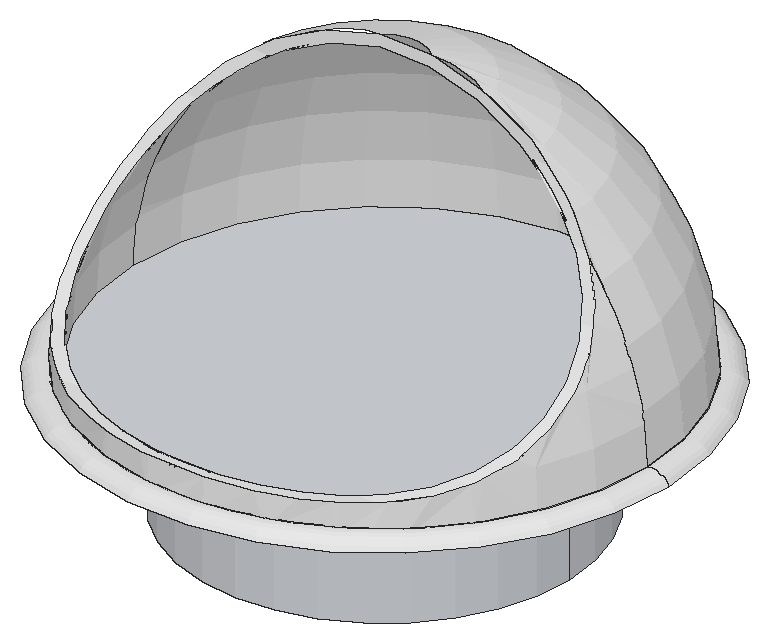
Revit family "CADS_AIRFLOWdev_AirTerminal_RoundCowl_Exhaust_inc160", category Air Terminals, host Face, Revit 2019
Family settings
  Host = Face
  Round Connector Dimension = Use Diameter
  Part Type = Normal
  Cut with Voids When Loaded = No
  Shared = No
  Room Calculation Point = No
Parameters (values of type "180mm With Mesh")
  WorkExecutionLevel = "N/A"
  WeeklyMaintenance = "N/A"
  WarrantyStartDate [instance] = "N/A"
  WarrantyPeriod = "2"
  WarrantyIdentifier = "N/A"
  WarrantyGuarantorParts = "info@airflow.com"
  WarrantyGuarantorLabor = "info@airflow.com"
  WarrantyGuarantor = "Airflow Developments Ltd"
  WarrantyEndDate [instance] = "N/A"
  WarrantyContent = "Replacement of part if faulty"
  Void = ((A - 20 mm) / 2) - 2 mm  # 120.5 mm
  Uniclass2015 = "Pr_65_70_46_01"
  TagNumber [instance] = "N/A"
  Status [instance] = "New"
  Size = "195 x 255 x 255"
  ShippingWeight = 0.09 kg
  Shape = "Round"
  ServiceLifeType = "EXPECTEDSERVICELIFE"
  ServiceLifeDuration = "10"
  SerialNumber [instance] = "N/A"
  RoundCowl = CADS_Airflow_Chrome
  ReplacementCost = "60.444"
  QuarterlyMaintenance = "N/A"
  QualityOfComponents = "N/A"
  ProductionYear = "2017"
  ProductLiterature = "N/A"
  PointOfContact = "Airflow Developments Ltd"
  OutdoorEnviornment = "N/A"
  OperationAndMaintenanceManual = "N/A"
  NumberOfSlots = 0
  NominalWidth = 255 mm
  NominalLength = 195 mm
  NominalHeight = 255 mm
  NBSCode = "90-75-50/370 Air terminals;"
  MountingType = "SURFACE"
  MonthlyMaintenance = "N/A"
  ModelReference = "9041229"
  ModelLabel = "180mm dia round cowl complete with internal mesh"
  MeanTimeBetweenFailure = "N/A"
  Material = "Stainless Steel"
  ManufacturerWebsite = "www.airflow.com"
  ManufacturerTelephone = "01494 525252"
  ManufacturerE-Mail = "info@airflow.com"
  ManufacturerAddress = "Aidelle House\nLancaster Road\nCressex Business Park\nHigh Wycombe\nBucks\nHP123QP"
  Manufacturer = "Airflow Developments Ltd"
  MaintenanceRequired8001to12000hrs = "N/A"
  MaintenanceRequired601to1000hrs = "N/A"
  MaintenanceRequired4001to8000hrs = "N/A"
  MaintenanceRequired301to600hrs = "N/A"
  MaintenanceRequired2001to4000hrs = "N/A"
  MaintenanceRequired1001to2000hrs = "N/A"
  MaintenanceRequired0to300hrs = "N/A"
  MaintenanceLevel = "N/A"
  IsExtendedWarranty = no
  IndoorEnviornment = "N/A"
  InUseConditions = "N/A"
  ISO90001 = yes
  ISO140001 = yes
  HasThermalInsulation = no
  HasSoundAttenuator = no
  HasIntegralControl = no
  GrossWeight = 0.075 kg
  Grade = "Virgin"
  GlobalTradeItemNumber = "5019009318042"
  FlowControlType = "NONE"
  Flow [instance] = 0.0 L/s
  Features [instance] = "180mm dia round cowl complete with internal mesh"
  FaceType = "LOUVERED"
  Exclusions = "Incorrect Use / Incorrect Installation / Installed by a non-accredited electrician. Customer abuse."
  E = 55 mm
  DurationUnit = "Years"
  DesignLevel = "N/A"
  Description = "180mm dia round cowl complete with internal mesh"
  DailyMaintenance = "N/A"
  D = 173 mm
  Mesh [instance] = yes
  Louvers [instance] = no
  Default Elevation = 1219.2 mm
  Constituents = "Silver"
  Color = "Silver"
  CodePerformance = "N/A"
  CEApproval = yes
  C = 190 mm
  BespokeTimeFrameMaintenance = "N/A"
  AssetType = "Fixed"
  AssetIdentifier [instance] = "N/A"
  AssemblyPlace = "N/A"
  AnnualMaintenance = "N/A"
  AirflowRateRange = "0-61"
  AccessibilityPerformance = "N/A"
  A = 265 mm
  Base = A - 20 mm  # 245 mm
  6MonthlyMaintenance = "Visually inspect system, clean the fan and ducting if necessary"
Types (9, lengths in mm): name | Void | Size | ShippingWeight | ReplacementCost | NominalWidth | NominalLength | NominalHeight | ModelReference | ModelLabel | GrossWeight | GlobalTradeItemNumber | Features | FaceType | E | Description | D | Mesh | Louvers | C | A | Base
  100mm With Louvers | 63 | "115 x 150 x 150" | 0.03 kg | "20.676" | 150 | 115 | 150 | "52644501" | "100mm dia round cowl complete with Internal louvers" | 0.025 kg | "5019009306346" | "100mm dia round cowl complete with Internal louvers" | "LOUVERED" | 42 | "100mm dia round cowl complete with Internal louvers" | 100 | no | yes | 115 | 150 | 130
  125mm With Louvers | 78 | "145 x 190 x 190" | 0.042 kg | "30.228" | 190 | 145 | 190 | "9041226" | "125mm dia round cowl complete with internal louvers" | 0.035 kg | "5019009318011" | "125mm dia round cowl complete with internal louvers" | "LOUVERED" | 48 | "125mm dia round cowl complete with internal louvers" | 160 | no | yes | 145 | 180 | 160
  150mm With Louvers | 91.5 | "155 x 210 x 210" | 0.054 kg | "39.756" | 210 | 155 | 210 | "52644601" | "150mm dia round cowl complete with Internal louvers" | 0.045 kg | "5019009306360" | "150mm dia round cowl complete with Internal louvers" | "LOUVERED" | 55 | "150mm dia round cowl complete with Internal louvers" | 150 | no | yes | 155 | 207 | 187
  180mm With Louvers | 120.5 | "195 x 255 x 255" | 0.09 kg | "60.444" | 255 | 195 | 255 | "9041227" | "180mm dia round cowl complete with internal louvers" | 0.075 kg | "5019009318028" | "180mm dia round cowl complete with internal louvers" | "LOUVERED" | 55 | "180mm dia round cowl complete with internal louvers" | 173 | no | yes | 190 | 265 | 245
  100mm With Mesh | 63 | "115 x 150 x 150" | 0.03 kg | "20.676" | 150 | 115 | 150 | "52644701" | "100mm dia round cowl complete with Internal mesh" | 0.025 kg | "5019009306384" | "100mm dia round cowl complete with Internal mesh" | "LOUVERED" | 42 | "100mm dia round cowl complete with Internal mesh" | 100 | yes | no | 115 | 150 | 130
  125mm With Mesh | 78 | "145 x 190 x 190" | 0.042 kg | "30.228" | 190 | 145 | 190 | "9041228" | "125mm dia round cowl complete with internal mesh" | 0.035 kg | "5019009318035" | "125mm dia round cowl complete with internal mesh" | "LOUVERED" | 48 | "125mm dia round cowl complete with internal mesh" | 125 | yes | no | 145 | 180 | 160
  150mm With Mesh | 91.5 | "155 x 210 x 210" | 0.054 kg | "39.756" | 210 | 155 | 210 | "52644801" | "150mm dia round cowl complete with Internal mesh" | 0.045 kg | "5019009306407" | "150mm dia round cowl complete with Internal mesh" | "LOUVERED" | 55 | "150mm dia round cowl complete with Internal mesh" | 150 | yes | no | 155 | 207 | 187
  180mm With Mesh | 120.5 | "195 x 255 x 255" | 0.09 kg | "60.444" | 255 | 195 | 255 | "9041229" | "180mm dia round cowl complete with internal mesh" | 0.075 kg | "5019009318042" | "180mm dia round cowl complete with internal mesh" | "LOUVERED" | 55 | "180mm dia round cowl complete with internal mesh" | 173 | yes | no | 190 | 265 | 245
  160mm With Mesh | 120.5 | "195 x 255 x 255" | 0.09 kg | "60.444" | 255 | 195 | 255 | "90000506" | "160mm dia round cowl complete with internal mesh" | 0.075 kg | "5019009318042" | "180mm dia round cowl complete with internal mesh" | "Mesh Cowl" | 55 | "160mm dia round cowl complete with internal mesh" | 160 | yes | no | 190 | 265 | 245
Reference planes
  plane 1 "Center (Front/Back)": y = 0
  plane 2: z = 0
  plane 3 "Center (Left/Right)": x = 0
  plane 4: z = 135
  plane 5: x = -122.5
  plane 6: x = 122.5
  plane 7 "top": y = 122.5
  plane 8: y = -122.5
  plane 9: y = -60.25
  plane 10: x = -132.5
  plane 11: y = 132.5
  plane 12: x = 132.5
  plane 13: y = -132.5
  plane 14: y = -120.5
  plane 15: z = 4.663
  plane 16: z = -55
  plane 17: z = 69.832
  plane 18: y = -108.123
Forms (mm)
  Revolve 1, solid, material "CADS_Airflow_Chrome" <- "RoundCowl"
    sketch origin (0, 0, 0) x (1, 0, 0) y (0, 0, 1)
      loop
        arc (122.5, 0) -> (87.787, 91.58) -> (0, 135) r 133.84
        line (0, 135) -> (0, 129.98)
        arc (0, 129.98) -> (84.246, 88.039) -> (117.499, 0) r 128.839
        line (117.499, 0) -> (122.5, 0)
      axis (0, 135) -> (0, 0)
    angle from 0 to 360
  Revolve 2, solid, material "CADS_Airflow_Chrome" <- "RoundCowl"
    sketch origin (0, 0, 0) x (1, 0, 0) y (0, 0, 1)
      loop
        arc (132.5, 0) -> (128.248, 3.935) -> (122.5, 4.663) r 9.485
        line (122.5, 4.663) -> (122.5, 0) -> (132.5, 0)
      axis (0, 4.663) -> (0, 0)
    angle from 0 to 360
  Extrusion 3, solid
    sketch origin (0, 0, 0) x (1, 0, 0) y (0, 1, 0)
      loop
        circle (0, 0) r 122.5
    from 0 to 4.663
  Extrusion 4, solid
    sketch origin (0, 0, 0) x (1, 0, 0) y (0, 1, 0)
      loop
        circle (0, 0) r 86.5
    from 0 to -55
  Extrusion 5, void
    sketch origin (0, -47.12, -7.321) x (0, 1, 0) y (0, 0, 1)
      loop
        circle (-61.003, 142.321) r 120.5
    from -286.988 to 250
Cuts and joins
  Extrusion 5 cuts Revolve 1
Dimensions and locks
  equal spacing: plane 10, plane 3 "Center (Left/Right)", plane 12
  equal spacing: plane 11, plane 1 "Center (Front/Back)", plane 13
  "A": plane 11 to plane 13
  "A": plane 10 to plane 12
  locked: plane 10 to plane 5 at 10
  locked: plane 6 to plane 12 at 10
  locked: plane 8 to plane 13 at 10
  locked: plane 11 to plane 7 "top" at 10
  locked: plane 14 to plane 8 at 2
  equal spacing: plane 1 "Center (Front/Back)", plane 9, plane 14
  plane 1 "Center (Front/Back)" to plane 14 = 120.5 mm
  locked: plane 15 to level at 4.663
  "E": level to plane 16
  "C": plane 4 to plane 16
  equal spacing: plane 4, plane 17, plane 15
  locked: plane 13 to plane 18 at 24.377
  "Base": diameter of Extrusion 3 sketch curve
  "D": diameter of Extrusion 4 sketch curve
  "Void": radius of Extrusion 5 sketch curve
  aligned and locked: plane 2 to host face
  aligned and locked: level to host face
  aligned and locked: Revolve 1 sketch curve to plane 3 "Center (Left/Right)"
  aligned and locked: Revolve 2 sketch curve to plane 3 "Center (Left/Right)"
  aligned and locked: plane 3 "Center (Left/Right)" to Revolve 1 sketch curve
  aligned and locked: level to Revolve 1 sketch curve
  aligned and locked: plane 15 to Extrusion 3
  aligned and locked: Extrusion 4 to plane 16
  aligned and locked: level to Extrusion 4
  aligned and locked: plane 18 to Extrusion 5 sketch curve
  aligned and locked: plane 4 to Extrusion 5 sketch curve
Automatic sketch dimensions
  host sketch curve to host sketch curve = 2438.4 mm  (x2)
  Revolve 2 sketch curve to level = 0 mm
  Revolve 2 sketch curve to plane 6 = 0 mm
  Revolve 2 sketch curve to plane 12 = 0 mm
  plane 6 to Revolve 2 sketch curve = 1.739 mm
  Revolve 2 sketch curve to level = 4.661 mm
  Revolve 2 sketch curve to Revolve 2 sketch curve = 604.939 mm
  plane 4 to Revolve 2 sketch curve = 2534.058 mm
  Revolve 1 sketch curve to plane 6 = 0 mm
  Revolve 1 sketch curve to plane 4 = 0 mm
  level to Revolve 1 sketch curve = 1.64 mm
  Revolve 1 sketch curve to Revolve 1 sketch curve = 5.001 mm
  Revolve 1 sketch curve to plane 16 = 567.6 mm
  Revolve 1 sketch curve to Revolve 1 sketch curve = 2534.058 mm
  Revolve 1 sketch curve to Revolve 1 sketch curve = 0 mm  (x2)
  plane 1 "Center (Front/Back)" to Extrusion 3 sketch curve = 0 mm
  Extrusion 3 sketch curve to plane 3 "Center (Left/Right)" = 0 mm
  plane 1 "Center (Front/Back)" to Extrusion 4 sketch curve = 0 mm
  Extrusion 4 sketch curve to plane 3 "Center (Left/Right)" = 0 mm
Connectors
  hvac at (0, 0, 0), driven by "D", driven by "Flow"
    settings: on Extrusion 4, index 1, duct flow 0.0 L/s, flow factor 0, pres drop 0.0 Pa, loss coef 0, conn angle 0.00°, conn width 304.8 mm, conn height 304.8 mm, conn diameter 173 mm, duct sys type 3, conn prof type 0, flow config 0, flow direction 1, loss method 0, conn ref index -1, conn util no, is conn primary yes, conn desc ""
